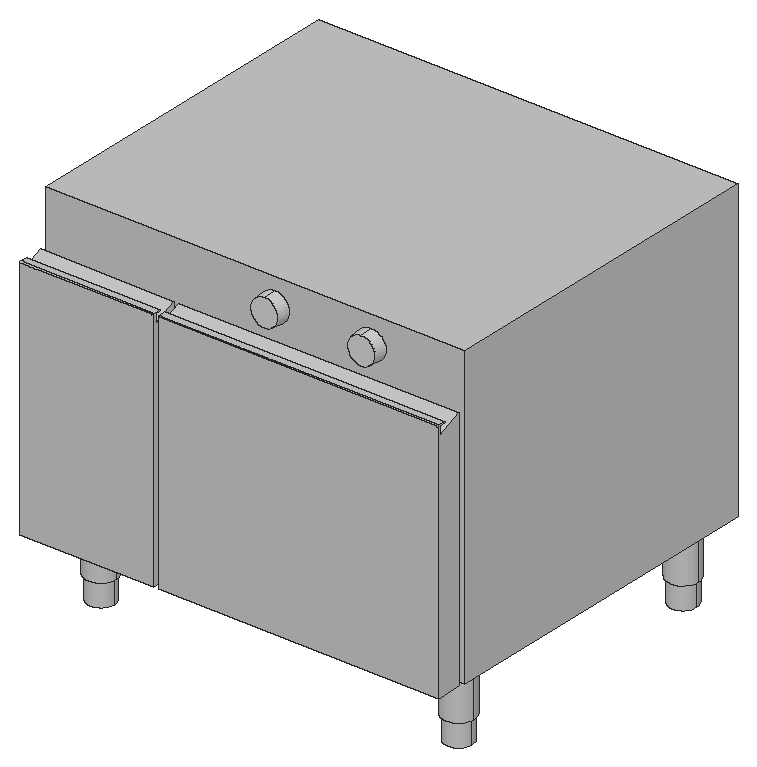
Revit family "QF_ZANUSSI_922615_CUBAHTR61011", category Specialty Equipment, Revit 2018
Family settings
  Round Connector Dimension = Use Diameter
  Part Type = Normal
  Work Plane-Based = No
  Always vertical = Yes
  Cut with Voids When Loaded = No
  Shared = No
  Room Calculation Point = No
Parameters
  Weight = 0.00 kg
  Watts = 0 W
  Volts = 220 V
  URL Manufacturer = "http://www.zanussiprofessional.com"
  URL = "http://www.zanussiprofessional.com"
  Steam Supply Size = 0 mm
  Steam Supply Minimum Pressure = 0.0 Pa
  Steam Supply Maximum Pressure = 0.0 Pa
  Steam Pounds per Hour = 0
  Show Clearance [instance] = yes
  Refrigeration Suction Line Size = 0 mm
  Refrigeration Liquid Line Size = 0 mm
  Refrigerant Compressor Remote = yes
  Manufacturer = "Zanussi"
  Phase = 1
  Model = "CUBAHTR61011"
  Length Actual = 775 mm  # constant formula
  Item Number = "922615"
  Hot Water Size = 0 mm
  Height Actual = 764 mm  # constant formula
  HP = "3.5 HP"
  Gas Size = 0 mm
  Gas KW = 0
  Gas Input Pressure = 0 W
  Direct Waste Size = 0 mm
  Description = "HOT CUPBOARD BASE WITH TRAY SUPPORT FOR 6&10 GN 1/1 OVEN & 400X600MM "
  Depth Actual = 867 mm  # constant formula
  Cycle = 60 Hz
  Condensate Return Size = 0 mm
  Compressed Air Volume = 0.0 L/s
  Compressed Air Size = 0 mm
  Compressed Air Pressure = 0.0 Pa
  Cold Water Size = 19.05 mm
  Accessory = yes
Reference planes
  plane 1 "Center X": y = 92.351
  plane 2: z = 0
  plane 3 "Center Y": x = -326.5
  plane 4 "LEFT": x = -760
  plane 5 "BACK": y = 479.851
  plane 6 "RIGHT": x = 107
  plane 7 "FRONT": y = -295.149
  plane 8: z = 770
  plane 9: z = 670
  plane 10: x = -697
  plane 11: y = 416.851
  plane 12: x = 44
  plane 13: y = -164.149
  plane 14: z = 152
Forms (mm)
  Extrusion 1, solid, material "QF_Finishes_Stainless Steel"
    sketch origin (-326.5, 0, 0) x (0, 1, 0) y (0, 0, 1)
      loop
        line (479.851, 152) -> (479.851, 770) -> (-227.149, 770) -> (-227.149, 152) -> (479.851, 152)
    from -433.5 to 433.5
  Extrusion 2, solid, material "QF_Finishes_Stainless Steel"
    sketch origin (-760, 0, 0) x (0, 1, 0) y (0, 0, 1)
      loop
        line (-242.149, 661.515) -> (-290.57, 640.907) -> (-290.57, 659.989) -> (-278.359, 659.989) -> (-278.359, 661.515) -> (-293.125, 661.515)
        arc (-293.125, 661.515) -> (-294.556, 660.922) -> (-295.149, 659.491) r 2.025
        line (-295.149, 659.491) -> (-295.149, 155.053) -> (-242.149, 155.053) -> (-242.149, 661.515)
    from 0 to 277
  Extrusion 3, solid, material "QF_Finishes_Stainless Steel"
    sketch origin (107, 0, 0) x (0, 1, 0) y (0, 0, 1)
      loop
        line (-242.149, 661.515) -> (-290.57, 640.907) -> (-290.57, 659.989) -> (-278.359, 659.989) -> (-278.359, 661.515) -> (-293.125, 661.515)
        arc (-293.125, 661.515) -> (-294.556, 660.922) -> (-295.149, 659.491) r 2.025
        line (-295.149, 659.491) -> (-295.149, 155.053) -> (-242.149, 155.053) -> (-242.149, 661.515)
    from 0 to -580
  Extrusion 4, solid, material "QF_Door-Drawer Clearances", detail levels coarse
    sketch origin (107, -293.012, 155.053) x (1, 0, 0) y (0, -1, 0)
      loop
        line (-867, 2.137) -> (-590, 2.137)
        arc (-590, 2.137) -> (-671.131, 198.006) -> (-867, 279.137) r 277
        line (-867, 279.137) -> (-867, 2.137)
      loop
        line (-580, 2.137) -> (0, 2.137) -> (0, 546.137)
        arc (0, 546.137) -> (-397.646, 388.906) -> (-580, 2.137) r 581.003
    from 0 to -506.462
  Extrusion 5, solid, material "QF_Finishes_Stainless Steel"
    sketch origin (-1206.916, -1524, 152) x (-1, 0, 0) y (0, -1, 0)
      loop
        circle (-566.916, -1696.851) r 14.348
    from 21.5 to 52
  Extrusion 6, solid, material "QF_Finishes_Stainless Steel"
    sketch origin (-1206.916, -1524, 152) x (-1, 0, 0) y (0, -1, 0)
      loop
        circle (-632.916, -1647.851) r 14.141
    from 32 to 52
  Blend 7, solid, material "QF_Finishes_Handrails and Railings"
    base sketch origin (-326.5, -227.149, 1465.128) x (0, 0, -1) y (1, 0, 0)
      loop
        circle (749.578, 241.325) r 30
    top sketch origin (-326.5, -227.149, 1465.128) x (0, 0, -1) y (1, 0, 0)
      loop
        circle (749.578, 241.325) r 28
    from 2 to 27.5
  Blend 8, solid, material "QF_Finishes_Handrails and Railings"
    base sketch origin (-526.612, -227.149, 1465.128) x (0, 0, -1) y (1, 0, 0)
      loop
        circle (749.578, 241.325) r 30
    top sketch origin (-526.612, -227.149, 1465.128) x (0, 0, -1) y (1, 0, 0)
      loop
        circle (749.578, 241.325) r 28
    from 2 to 27.5
Lines and regions (mm)
  Split face 1
    outline origin (-326.5, -227.149, 769.28) x (0, 0, -1) y (1, 0, 0)
      loop
        line (50.982, 117.228) -> (73.878, 117.228) -> (73.878, 165.157) -> (50.982, 165.157) -> (50.982, 117.228)
  symbolic lines, style "SpecialityEquipmentHiddenLines"
    curve 1: line (-760, 479.851, 1478) -> (107, 479.851, 1478)
    curve 2: line (-760, -295.143, 1478) -> (-760, 479.851, 1478)
    curve 3: line (107, -295.143, 1478) -> (-760, -295.143, 1478)
    curve 4: line (107, 479.851, 1478) -> (107, -295.143, 1478)
  symbolic lines, style "QF_Door-Drawer Clearances", visible <- "Show Clearance"
    curve 5: arc (-483, -295.143, 1478) -> (-564.129, -491.016, 1478) -> (-760, -572.15, 1478) r 277
    curve 6: arc (107, -839.149, 1478) -> (-290.648, -681.916, 1478) -> (-473, -295.143, 1478) r 581.003
    curve 7: line (-760, -295.143, 1478) -> (-760, -572.15, 1478)
    curve 8: line (107, -839.149, 1478) -> (107, -295.143, 1478)
Dimensions and locks
  equal spacing: plane 4 "LEFT", plane 3 "Center Y", plane 6 "RIGHT"
  plane 4 "LEFT" to plane 6 "RIGHT" = 867 mm
  plane 5 "BACK" to plane 7 "FRONT" = 775 mm
  equal spacing: plane 5 "BACK", plane 1 "Center X", plane 7 "FRONT"
  plane 5 "BACK" to Extrusion 5 sketch curve = 307 mm
  plane 4 "LEFT" to Extrusion 5 sketch curve = 120 mm
  plane 5 "BACK" to Extrusion 6 sketch curve = 356 mm
  plane 4 "LEFT" to Extrusion 6 sketch curve = 186 mm
  aligned and locked: level to plane 2
  aligned and locked: plane 6 "RIGHT" to Extrusion 1
  aligned and locked: Extrusion 1 to plane 4 "LEFT"
Automatic sketch dimensions
  Extrusion 1 sketch curve to plane 14 = 0 mm
  Extrusion 1 sketch curve to plane 8 = 0 mm
  Extrusion 1 sketch curve to plane 5 "BACK" = 0 mm
  Extrusion 1 sketch curve to plane 13 = 63 mm
  Extrusion 2 sketch curve to plane 7 "FRONT" = 0 mm
  plane 7 "FRONT" to Extrusion 2 sketch curve = 2.025 mm
  Extrusion 2 sketch curve to Extrusion 2 sketch curve = 2.555 mm
  Extrusion 2 sketch curve to Extrusion 2 sketch curve = 12.211 mm
  Extrusion 2 sketch curve to plane 9 = 8.485 mm
  Extrusion 2 sketch curve to Extrusion 2 sketch curve = 36.209 mm
  plane 14 to Extrusion 2 sketch curve = 3.053 mm
  Extrusion 2 sketch curve to plane 9 = 29.093 mm
  Extrusion 2 sketch curve to plane 9 = 10.509 mm
  Extrusion 2 sketch curve to Extrusion 2 sketch curve = 0.498 mm
  Extrusion 1 to Blend 7 sketch curve = 54.45 mm  (x2)
  Extrusion 1 to Blend 7 sketch curve = 192.175 mm  (x2)
  Extrusion 1 to Blend 8 sketch curve = 54.45 mm  (x2)
  Extrusion 1 to Blend 8 sketch curve = 392.287 mm  (x2)
  Split face 1 sketch curve to Extrusion 1 = 51.702 mm
  Split face 1 sketch curve to Split face 1 sketch curve = 22.896 mm
  Split face 1 sketch curve to Extrusion 1 = 316.272 mm
  Split face 1 sketch curve to Split face 1 sketch curve = 47.929 mm
  curve 1 to plane 5 "BACK" = 0 mm
  plane 7 "FRONT" to curve 8 = 0.006 mm
  curve 2 to plane 4 "LEFT" = 0 mm
  curve 8 to plane 6 "RIGHT" = 0 mm
  curve 7 to plane 7 "FRONT" = 277 mm
  curve 8 to plane 7 "FRONT" = 544 mm
  Extrusion 3 to Extrusion 4 sketch curve = 0.001 mm
  Extrusion 3 to Extrusion 4 sketch curve = 0 mm
  Extrusion 4 sketch curve to Extrusion 3 = 0 mm  (x2)
  Extrusion 4 sketch curve to Extrusion 3 = 0.177 mm
  Extrusion 3 to Extrusion 4 sketch curve = 287 mm
  Extrusion 3 to Extrusion 4 sketch curve = 544 mm
  Extrusion 3 to Extrusion 4 sketch curve = 10 mm
  curve 6 to plane 6 "RIGHT" = 0.177 mm
  plane 7 "FRONT" to curve 6 = 37.003 mm
  curve 5 to plane 7 "FRONT" = 0.001 mm
  Extrusion 3 sketch curve to plane 7 "FRONT" = 0 mm
  plane 7 "FRONT" to Extrusion 3 sketch curve = 2.025 mm
  Extrusion 3 sketch curve to Extrusion 3 sketch curve = 2.555 mm
  plane 14 to Extrusion 3 sketch curve = 3.053 mm
  Extrusion 3 sketch curve to plane 9 = 29.093 mm
  Extrusion 3 sketch curve to Extrusion 3 sketch curve = 0.498 mm
  Extrusion 3 sketch curve to plane 9 = 8.485 mm
  plane 7 "FRONT" to Extrusion 3 sketch curve = 53 mm
  Extrusion 3 sketch curve to Extrusion 3 sketch curve = 12.211 mm
  Extrusion 3 sketch curve to plane 9 = 10.509 mm
  radius of Extrusion 5 sketch curve = 14.348 mm
  radius of Extrusion 6 sketch curve = 14.141 mm
  radius of Blend 7 sketch curve = 30 mm
  radius of Blend 7 sketch curve = 28 mm
  radius of Blend 8 sketch curve = 30 mm
  radius of Blend 8 sketch curve = 28 mm
Nested families
  nested 1: "Foot_Adjustable" at (-697, 416.851, 0), type "Foot_Adjustable"
    with Ø2 28 mm, Ø1 32 mm, Ht 152 mm, H1 48 mm
  nested 2: "Foot_Adjustable" at (44, 416.851, 0), type "Foot_Adjustable"
    with Ø2 28 mm, Ø1 32 mm, Ht 152 mm, H1 48 mm
  nested 3: "Foot_Adjustable" at (44, -164.149, 0), type "Foot_Adjustable"
    with Ø2 28 mm, Ø1 32 mm, Ht 152 mm, H1 48 mm
  nested 4: "Foot_Adjustable" at (-697, -164.149, 0), type "Foot_Adjustable"
    with Ø2 28 mm, Ø1 32 mm, Ht 152 mm, H1 48 mm
  nested 5: "Sun" at (107, -295.149, 0), type "Sun"
Connectors
  electrical at (-640, 172.851, 173.5), driven by "Volts"
    settings: on Extrusion 5, index 1, voltage 220 V, apparent load 0 VA, apparent load phase1 0 VA, apparent load phase2 0 VA, apparent load phase3 0 VA, power factor 1, load classification "Altro", number of poles 1, system type 30, power factor state 1, is connector primary yes, connector utility no, sub classification motor no, connector description "Electrical Connection"
  piping at (-574, 123.851, 184), diameter 19.05, driven by "Cold Water Size"
    settings: on Extrusion 6, index 2, connector inside diameter 609.6 mm, connector length 0 mm, flow factor 0, pipe flow 0.0 L/s, pressure drop 0.0 Pa, fitting loss kfactor 0, connector angle 0.00°, fixture units 0, engagement length 0 mm, angle of deflection 0.00°, flow configuration 1, flow direction 1, fitting loss method 0, system type 20, joint type 0, gender type 0, connector reference index -1, connector utility 0, adjustable connector no, is connector primary yes, connector description "Cold Water Inlet"
Definition of nested family "Foot_Adjustable"
  Parameters
    Ø2 [instance] = 25 mm
    Ø1 [instance] = 29 mm
    H1 [instance] = 48 mm
    Ht [instance] = 150 mm
  Reference planes
    plane 1 "Centro (Fronte/Retro)": y = 0
    plane 2: z = 0
    plane 3 "Centro (Sinistra/Destra)": x = 0
    plane 4: z = 150
  Forms (mm)
    Revolve 1, solid
      sketch origin (255.05, 0, 608.09) x (0, 0, 1) y (-1, 0, 0)
        loop
          line (-608.09, 255.05) -> (-608.09, 230.05) -> (-560.09, 230.05) -> (-560.09, 226.05) -> (-458.09, 226.05) -> (-458.09, 255.05) -> (-608.09, 255.05)
        axis (-608.09, 255.05) -> (-458.09, 255.05)
      angle from 0 to 360
  Dimensions and locks
    "H1": level to Revolve 1 sketch curve
    "Ht": plane 4 to level
    "Ø2": Revolve 1 sketch curve to Revolve 1 sketch curve
    "Ø1": Revolve 1 sketch curve to Revolve 1 sketch curve
    aligned and locked: level to plane 2
    aligned and locked: plane 4 to Revolve 1 sketch curve
    aligned and locked: Revolve 1 sketch curve to level
    aligned and locked: plane 3 "Centro (Sinistra/Destra)" to Revolve 1 sketch curve
  Automatic sketch dimensions
    Revolve 1 sketch curve to plane 3 "Centro (Sinistra/Destra)" = 0 mm
    plane 4 to Revolve 1 sketch curve = 50 mm
    Revolve 1 sketch curve to Revolve 1 sketch curve = 20 mm
Definition of nested family "Sun"
  Reference planes
    plane 1 "Center (Front/Back)": y = 0
    plane 2: z = 0
    plane 3 "Center (Left/Right)": x = 0
  Lines and regions (mm)
    detail lines, in view "Ref. Level"
      curve 1: spline (-500, 190, 0) -> (-493.185, 166.706, 0) -> (-473.205, 145, 0) -> (-441.421, 126.36, 0) -> (-400, 112.058, 0) -> (-351.764, 103.067, 0) -> (-300, 100, 0) -> (-248.236, 103.067, 0) -> (-200, 112.058, 0) -> (-158.579, 126.36, 0) -> (-126.795, 145, 0) -> (-106.815, 166.706, 0) -> (-100, 190, 0) -> (-106.815, 213.294, 0) -> (-126.795, 235, 0) -> (-158.579, 253.64, 0) -> (-200, 267.942, 0) -> (-248.236, 276.933, 0) -> (-300, 280, 0) -> (-351.764, 276.933, 0) -> (-400, 267.942, 0) -> (-441.421, 253.64, 0) -> (-473.205, 235, 0) -> (-493.185, 213.294, 0) -> (-500, 190, 0)
      curve 2: circle (-300, 190, 0) r 35 normal (0, 0, 1)
      curve 3: line (-318, 221.177, 0) -> (-330, 241.962, 0)
      curve 4: line (-300, 226, 0) -> (-300, 250, 0)
      curve 5: line (-282, 221.177, 0) -> (-270, 241.962, 0)
      curve 6: line (-268.823, 208, 0) -> (-248.038, 220, 0)
      curve 7: line (-264, 190, 0) -> (-240, 190, 0)
      curve 8: line (-268.823, 172, 0) -> (-248.038, 160, 0)
      curve 9: line (-282, 158.823, 0) -> (-270, 138.038, 0)
      curve 10: line (-300, 154, 0) -> (-300, 130, 0)
      curve 11: line (-318, 158.823, 0) -> (-330, 138.038, 0)
      curve 12: line (-331.177, 172, 0) -> (-351.962, 160, 0)
      curve 13: line (-336, 190, 0) -> (-360, 190, 0)
      curve 14: line (-331.177, 208, 0) -> (-351.962, 220, 0)
